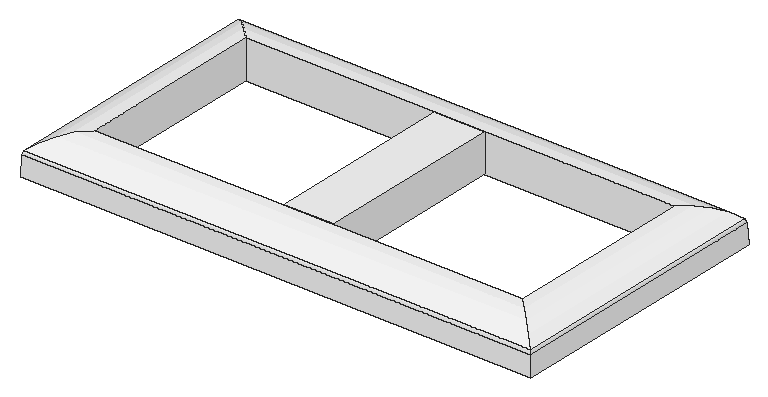
Revit family "Gira_021204", category Electrical Fixtures, host Face, Revit 2017
Family settings
  Host = Face
  Maintain Annotation Orientation = No
  Round Connector Dimension = Use Diameter
  Part Type = Normal
  Cut with Voids When Loaded = No
  Shared = No
  Room Calculation Point = No
Parameters (values of type "Abdeckrahmen 2f Standard 55 Reinweiß m")
  Werkstoffgüte = "Thermoplast"
  Werkstoff = "Kunststoff"
  URL = "http://katalog.gira.de/de_DE/datenblatt.html?artikelnr=021204"
  Transparent = "No"
  Textfeld/Beschriftungsfläche = "No"
  Schutzart (IP) = "IP20"
  Region = "DE"
  RAL-Nummer (ähnlich) = "9010 "
  Oberfläche = "sonstige"
  Name = "Abdeckrahmen 2f Standard 55 Reinweiß m"
  Montagerichtung = "horizontal und vertikal"
  Mit Montagerahmen = "No"
  Mit Klappdeckel = "No"
  Manufacturer URL = "https://www.gira.de/"
  Keynote = "Std55_Rahmen_2fach"
  HeinzeBIM = "https://bimportal.heinze.de/bim/abdeckrahmen-2f-standard-55-reinweiss-m/6125708a948c129fa122e1f2706daa3f7a8dde50"
  Halogenfrei = "Yes"
  HAN = "021204"
  Geeignet für Unterputz-Installation = "Yes"
  Geeignet für Unterflurkanaldose = "No"
  Geeignet für Geräteeinbaukanal = "No"
  Geeignet für Einbauinstallation = "No"
  GTIN = "4010337212041"
  Farbe = "weiß"
  Default Elevation = 1219.2 mm
  Data sheet (1) = "https://katalog.gira.de/de_DE/download.html?artikelnr=021204"
  Category = "Abdeckrahmen"
  Befestigungsart = "Klemmbefestigung"
  Available = "Yes"
  Ausführung der Oberfläche = "matt"
  Anzahl der Einheiten vertikal = "2 "
  Anzahl der Einheiten horizontal = "2 "
  Anzahl der Einheiten = "2 "
Reference planes
  plane 1 "Center (Front/Back)": y = 0
  plane 2: z = 0
  plane 3 "Center (Left/Right)": x = 0
  plane 4: y = -75.9
  plane 5: y = 75.9
  plane 6: x = -40.3
  plane 7: x = 40.3
  plane 8: y = -7.4
  plane 9: y = 7.4
Forms (mm)
  Sweep 1, solid, material "White", detail levels fine
    path origin (0, 0, 0) x (0, -1, 0) y (1, 0, 0)
      loop
        line (40.3, 75.9) -> (-40.3, 75.9) -> (-40.3, -75.9) -> (40.3, -75.9) -> (40.3, 75.9)
    profile origin (75.9, 0, 0) x (-1, 0, 0) y (0, 0, 1)
      loop
        arc (12.22, 11.373) -> (5.983, 10.294) -> (0.641, 6.901) r 16.145
        arc (0.641, 6.901) -> (0.395, 6.426) -> (0.309, 5.898) r 1.694
        line (0.309, 5.898) -> (0, 0) -> (12.319, 0) -> (12.22, 11.373)
  Extrusion 2, solid, material "White", detail levels coarse+medium
    sketch origin (0, 0, 0) x (0, -1, 0) y (1, 0, 0)
      loop
        line (40.3, 75.9) -> (-40.3, 75.9) -> (-40.3, -75.9) -> (40.3, -75.9) -> (40.3, 75.9)
    from 0 to 11.373
  Extrusion 3, solid, material "White", detail levels fine
    sketch origin (0, 0, 0) x (1, 0, 0) y (0, 0, 1)
      loop
        line (7.4, 0) -> (7.4, 11.373) -> (-7.4, 11.373) -> (-7.4, 0) -> (7.4, 0)
    from -28.08 to 28.08
Dimensions and locks
  aligned and locked: plane 2 to host face
  aligned and locked: level to host face
